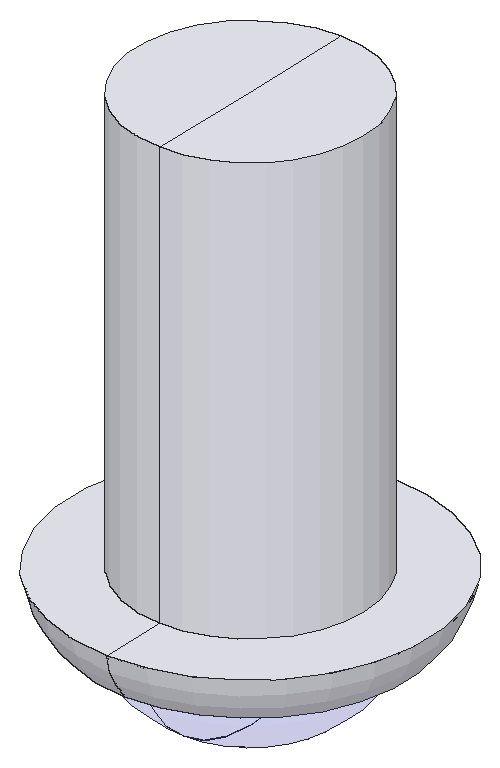
Revit family "PICO FP types Sans hôte", category Dispositifs d'éclairage, Revit 2019
Family settings
  Conserver l'orientation des annotations = Non
  Cote de connecteur circulaire = Utiliser le diamètre
  Type d'élément = Normal
  Basée sur le plan de construction = Oui
  Toujours verticalement = Oui
  Couper avec des vides une fois chargée = Non
  Partagée = Non
  Point de calcul de pièce = Non
Parameters (values of type "01- PICO FP Générique")
  Portée frontale [instance] = Position en hauteur * 2.4  # 600 cm
  Portée de biais [instance] = Position en hauteur * 4  # 1000 cm
  Hauteur de montage max préconisée [instance] = Hauteur de montage max  # 300 cm
  Hauteur de montage max = 300 cm
  Activitée assise [instance] = Position en hauteur * 1.6  # 400 cm
  Zone de detection [instance] = no
  URL = "http://www.luxomat.com"
  Type de Sortie = ""
  Température ambiante = "-25°C à +50°C"
  Référence = ""
  Relais = ""
  Position en hauteur [instance] = 250 cm
  Mode de pose = "Faux Plafond"
  Etiquette [instance] = yes
  Modèle = "PICO FP"
  Marque = "LUXOMAT"
  Image du type = 360°.jpg
  IP = "65"
  Fabricant = "B.E.G."
  Default Elevation = 0 cm
  Consommation = ""
  Commentaires du type = "MINI.DET.PRES.360°/Ø10M FAUX PLAFOND"
  Code d'assemblage = "D5010200"
  Classe = "2"
  Charge LED = ""
  Charge Cos ɸ =1 = ""
  Charge Cos ɸ =0.5 = ""
  Zone assise [instance] = Position en hauteur < 300.1 cm  # yes
  Alimentation = "110-240 V AC"
Types (9, lengths in cm): name | Type de Sortie | Température ambiante | Référence | Relais | Modèle | IP | Consommation | Commentaires du type | Charge LED | Charge Cos ɸ =1 | Charge Cos ɸ =0.5 | Alimentation
  (no name) | "" | "-25°C à +50°C" | "" | "" | "PICO FP" | "65" | "" | "MINI.DET.PRES.360°/Ø10M FAUX PLAFOND" | "" | "" | "" | "110-240 V AC"
  01- PICO FP Générique | "" | "-25°C à +50°C" | "" | "" | "PICO FP" | "65" | "" | "MINI.DET.PRES.360°/Ø10M FAUX PLAFOND" | "" | "" | "" | "110-240 V AC"
  02- PICO N M 1C FP réf 93159 | "TOR " | "-25°C à +50°C" | "93159" | "10 A" | "PICO N M 1C FP" | "65" | "0,35W" | "MINI.DET.PRES.MAITRE.1 CONTACT.360°/Ø10M FAUX PLAFOND" | "300 W" | "2300 W" | "1150 VA" | "110-240 V AC"
  03- PICO S FP réf 92700 | "Esclave" | "-25°C à +50°C" | "92700" | "0" | "PICO S FP" | "65" | "0,25 W" | "MINI.DET.PRES.ESCLAVE.360°/Ø10M FAUX PLAFOND" | "0" | "0" | "0" | "110-240 V AC"
  05- PICO DALISYS FP réf 93909 | "DALI Adressable" | "-25°C à +50°C" | "93909" | "0" | "PICO DALISYS FP" | "20" | "2 mA" | "MINI.MULTI.CAPTEUR.PRES.DALISYS.360°/Ø10M FAUX PLAFOND" | "0" | "0" | "0" | "10-22 V DC par Bus DALI"
  07- PICO KNX DX FP réf 92719 | "KNX - 1 sortie Eclairage TOR ou GRADATION / 3 sorties Présence / Capteur de température" | "-25°C à +55°C" | "92719" | "0" | "PICO KNX DX FP" | "20" | "12 mA" | "MINI.DET.PRES.KNX.VERSION DELUXE.360°/Ø10M FAUX PLAFOND" | "0" | "0" | "0" | "24 V DC par Bus KNX"
  04- PICO DALILINK FP réf 93908 | "DALILINK" | "-25°C à +50°C" | "93908" | "0" | "PICO DALILINK FP" | "20" | "2 mA" | "MINI.MULTI.CAPTEUR.PRES.DALILINK.360°/Ø10M FAUX PLAFOND" | "0" | "0" | "0" | "16 V DC par Bus DALI"
  06- PICO BMS DALI 2 FP réf 93547 | "DALI 2 Adressable" | "-25°C à +50°C" | "93547" | "0" | "PICO BMS DALI 2 FP" | "20" | "7 mA" | "MINI.MULTI.CAPTEUR.PRES.BMS.DALI 2.360°/Ø10M FAUX PLAFOND" | "0" | "0" | "0" | "10-22 V DC par Bus DALI"
  08- PICO KNXs DX FP réf 93529 | "KNX Sécure - 1 sortie Eclairage TOR ou GRADATION / 3 sorties Présence / Capteur de température et bruit / HCL" | "-25°C à +55°C" | "93529" | "0" | "PICO KNXs DX FP" | "20" | "12 mA" | "MINI.DET.PRES.KNX Sécure.VERSION DELUXE.360°/Ø10M FAUX PLAFOND" | "0" | "0" | "0" | "24 V DC par Bus KNX"
Reference planes (cm)
  plane 1 "Centre (avant/arrière)": y = 0
  plane 2: z = 0
  plane 3 "Centre (gauche/droite)": x = 0
Dimensions and locks (cm)
  aligned and locked: level to plane 2
  aligned and locked: nested 3 to plane 3 "Centre (gauche/droite)"
  aligned and locked: nested 3 to plane 1 "Centre (avant/arrière)"
  aligned and locked: nested 3 to nested 4  (x2)
Nested families (cm)
  nested 1: "Famille4" at (3.75, -61.7006, 0), visible <- "Etiquette", référence <- "Référence", modèle <- "Modèle", type "Famille4"
    with référence "", modèle "PICO FP"
  nested 2: "Plafond 360° 2D" at (0, 0, 0), type "Plafond 360° 2D"
  nested 3: "zone G" at (0, 0, 0), activité assise <- "Activitée assise", biais <- "Portée de biais", frontal <- "Portée frontale", visible <- "Zone de detection", Zone assise <- "Zone assise", type "zone G"
    with position 2 240 cm, position 1 400 cm, frontal 600 cm, biais 1000 cm, activité assise 400 cm, Zone assise yes
  nested 4: "M19" at (0, 0, 0), type "Standard"
Connectors (cm)
  electrical at (0, 0, 0)
    settings: index 1, voltage 230 V, apparent load 0 VA, apparent load phase1 0 VA, apparent load phase2 0 VA, apparent load phase3 0 VA, power factor 1, load classification "Eclairage", number of poles 1, system type 31, power factor state 1, is connector primary yes, connector utility no, sub classification motor no, connector description ""
Definition of nested family "M19"
  Reference planes (cm)
    plane 1 "Centre (avant/arrière)": y = 0
    plane 2: z = 0
    plane 3 "Centre (gauche/droite)": x = 0
    plane 4: x = 0
  Forms (cm)
    Revolve 1, solid, not visible
      sketch origin (0, 0, 0) x (0, -1, 0) y (0, 0, -1)
        loop
          line (0, 0) -> (0, -0.5) -> (1.65, -0.5)
          arc (1.65, -0.5) -> (1.8106, -0.2678) -> (1.9, 0) r 1
          line (1.9, 0) -> (1.2, 0) -> (1.2, 4.5) -> (0, 4.5) -> (0, 0)
        axis (0, -0.5) -> (0, 4.5)
      angle from 0 to 360
    Revolve 2, solid, not visible
      sketch origin (0, 0, 0) x (0, -1, 0) y (0, 0, -1)
        loop
          arc (0, -1.5) -> (0.866, -1.2247) -> (1.4142, -0.5) r 1.5
          line (1.4142, -0.5) -> (0, -0.5) -> (0, -1.5)
        axis (0, -0.5) -> (0, -1.5)
      angle from 0 to 360
    Revolve 3, solid
      sketch origin (0, 0, 0) x (0, 1, 0) y (0, 0, 1)
        loop
          line (0, 0) -> (0, 4.5) -> (-1.2, 4.5) -> (-1.2, 0) -> (-1.9, 0)
          arc (-1.9, 0) -> (-1.8106, -0.2678) -> (-1.65, -0.5) r 1
          line (-1.65, -0.5) -> (0, -0.5) -> (0, 0)
        axis (0, -0.5) -> (0, 4.5)
      angle from 0 to 360
    Revolve 4, solid
      sketch origin (0, 0, 0) x (0, 1, 0) y (0, 0, 1)
        loop
          line (0, -1.5) -> (0, -0.5) -> (-1.4142, -0.5)
          arc (-1.4142, -0.5) -> (-0.866, -1.2247) -> (0, -1.5) r 1.5
        axis (0, -0.5) -> (0, -1.5)
      angle from 0 to 360
  Dimensions and locks (cm)
    aligned and locked: level to plane 2
Definition of nested family "Famille4"
  Parameters (values of type "Famille4")
    référence [instance] = ""
    modèle [instance] = ""
  Reference planes (cm)
    plane 1: y = 0
    plane 2: x = 0
  Text (cm)
    label "référence\nmodèle" at (-0.0235, 0.0091, 0), shows "référence", "modèle"
Definition of nested family "Plafond 360° 2D"
  Reference planes (cm)
    plane 1: y = 0
    plane 2: x = 0
  Lines and regions (cm)
    Filled region 1, type "rouge"
      outline origin (0, 0, 0) x (1, 0, 0) y (0, 1, 0)
        loop
          circle (0, 0) r 0.0294
    detail lines
      curve 1: arc (-0.1732, 0.1, 0) -> (-0.2, 0, 0) -> (-0.1732, -0.1, 0) r 0.2
      curve 2: arc (-0.1, -0.1732, 0) -> (0, -0.2, 0) -> (0.1, -0.1732, 0) r 0.2
      curve 3: arc (0.1732, -0.1, 0) -> (0.2, 0, 0) -> (0.1732, 0.1, 0) r 0.2
      curve 4: arc (0.1, 0.1732, 0) -> (0, 0.2, 0) -> (-0.1, 0.1732, 0) r 0.2
      curve 5: arc (-0.1375, 0.0794, 0) -> (-0.1588, 0, 0) -> (-0.1375, -0.0794, 0) r 0.1588
      curve 6: arc (-0.0794, -0.1375, 0) -> (0, -0.1588, 0) -> (0.0794, -0.1375, 0) r 0.1588
      curve 7: arc (0.1375, -0.0794, 0) -> (0.1588, 0, 0) -> (0.1375, 0.0794, 0) r 0.1588
      curve 8: arc (0.0794, 0.1375, 0) -> (0, 0.1588, 0) -> (-0.0794, 0.1375, 0) r 0.1588
      curve 9: arc (-0.1019, 0.0588, 0) -> (-0.1176, 0, 0) -> (-0.1019, -0.0588, 0) r 0.1176
      curve 10: arc (-0.0588, -0.1019, 0) -> (0, -0.1176, 0) -> (0.0588, -0.1019, 0) r 0.1176
      curve 11: arc (0.1019, -0.0588, 0) -> (0.1176, 0, 0) -> (0.1019, 0.0588, 0) r 0.1176
      curve 12: arc (0.0588, 0.1019, 0) -> (0, 0.1176, 0) -> (-0.0588, 0.1019, 0) r 0.1176
      curve 13: arc (-0.0294, 0, 0) -> (0, -0.0294, 0) -> (0.0294, 0, 0) r 0.0294
      curve 14: arc (0.0294, 0, 0) -> (0, 0.0294, 0) -> (-0.0294, 0, 0) r 0.0294
Definition of nested family "zone G"
  Parameters (values of type "zone G")
    position 2 [instance] = (frontal / 2) * 0.8  # 240 cm
    position 1 [instance] = ((biais / 2) + (frontal / 2)) / 2  # 400 cm
    frontal [instance] = 600 cm
    biais [instance] = 1000 cm
    activité assise [instance] = 400 cm
    Zone assise [instance] = yes
  Reference planes (cm)
    plane 1 "Centre (avant/arrière)": y = 0
    plane 2: z = 0
    plane 3 "Centre (gauche/droite)": x = 0
    plane 4: x = -400
    plane 5: y = -240
  Lines and regions (cm)
    detail lines, in view "Niveau de réf.", visible <- "Zone assise"
      curve 1: circle (0, 0, 0) r 200 normal (0, 0, 1)
      curve 16: spline (-100.1609, 35.3835, 0) -> (-99.2494, 35.2529, 0) -> (-98.3931, 34.8281, 0) -> (-97.6502, 34.138, 0) -> (-97.0714, 33.2297, 0) -> (-96.6961, 32.165, 0) -> (-96.55, 31.0166, 0) -> (-96.643, 29.8626, 0) -> (-96.9687, 28.7818, 0) -> (-97.5049, 27.8477, 0) -> (-98.2152, 27.1241, 0) -> (-99.051, 26.6602, 0) -> (-99.9555, 26.4877, 0) -> (-100.867, 26.6183, 0) -> (-101.7234, 27.0431, 0) -> (-102.4663, 27.7332, 0) -> (-103.0451, 28.6415, 0) -> (-103.4203, 29.7062, 0) -> (-103.5664, 30.8546, 0) -> (-103.4735, 32.0085, 0) -> (-103.1478, 33.0894, 0) -> (-102.6115, 34.0234, 0) -> (-101.9013, 34.7471, 0) -> (-101.0654, 35.211, 0) -> (-100.1609, 35.3835, 0)
      curve 17: line (-100, 26, 0) -> (-100, 0, 0)
      curve 18: line (-100, 0, 0) -> (-83, 0, 0)
      curve 19: line (-83, 0, 0) -> (-83, -21, 0)
      curve 20: line (-100, 22.2972, 0) -> (-87.1203, 15.4489, 0)
      curve 21: line (-110.5298, 20.3537, 0) -> (-105.6439, -2.6328, 0)
      curve 22: line (-105.6439, -2.6328, 0) -> (-85.0082, -2.6328, 0)
      curve 23: line (-90.8164, -2.6328, 0) -> (-90.8164, -21, 0)
      curve 24: line (-102.3261, -2.6328, 0) -> (-102.3261, -21, 0)
      curve 34: line (-90.8164, 8.5, 0) -> (-64.3164, 8.5, 0)
      curve 35: line (-75.5, -21, 0) -> (-75.5, 8.5, 0)
      curve 36: line (-69, -21, 0) -> (-69, 8.5, 0)
    detail lines, in view "Niveau de réf."
      curve 2: circle (0, 0, 0) r 300 normal (0, 0, 1)
      curve 3: circle (0, 0, 0) r 500 normal (0, 0, 1)
      curve 4: line (-400, -41.4725, 0) -> (-400, 41.4725, 0)
      curve 5: line (-400, 41.4725, 0) -> (-422.1638, 13.1041, 0)
      curve 6: line (-400, 41.4725, 0) -> (-377.8362, 13.1041, 0)
      curve 10: line (0, -294.5767, 0) -> (0, -211.6316, 0)
      curve 11: line (0, -211.6316, 0) -> (-22.1638, -240, 0)
      curve 12: line (0, -211.6316, 0) -> (22.1638, -240, 0)
    detail lines, in view "Niveau de réf.", not visible
      curve 7: line (628.0656, -64.277, 0) -> (628.0656, 18.6681, 0)
      curve 8: line (628.0656, 18.6681, 0) -> (605.9018, -9.7003, 0)
      curve 9: line (628.0656, 18.6681, 0) -> (650.2294, -9.7003, 0)
      curve 13: line (628.0656, -64.277, 0) -> (628.0656, 18.6681, 0)
      curve 14: line (628.0656, 18.6681, 0) -> (605.9018, -9.7003, 0)
      curve 15: line (628.0656, 18.6681, 0) -> (650.2294, -9.7003, 0)
    detail lines, in view "Niveau de réf.", visible <- "Zone assise", not visible
      curve 25: spline (932.3619, 15.8637, 0) -> (933.2734, 15.7331, 0) -> (934.1297, 15.3083, 0) -> (934.8726, 14.6182, 0) -> (935.4514, 13.7099, 0) -> (935.8267, 12.6452, 0) -> (935.9728, 11.4968, 0) -> (935.8798, 10.3428, 0) -> (935.5541, 9.262, 0) -> (935.0179, 8.3279, 0) -> (934.3076, 7.6043, 0) -> (933.4718, 7.1404, 0) -> (932.5673, 6.9679, 0) -> (931.6558, 7.0985, 0) -> (930.7994, 7.5233, 0) -> (930.0565, 8.2134, 0) -> (929.4777, 9.1217, 0) -> (929.1025, 10.1864, 0) -> (928.9564, 11.3348, 0) -> (929.0493, 12.4888, 0) -> (929.375, 13.5696, 0) -> (929.9113, 14.5037, 0) -> (930.6215, 15.2273, 0) -> (931.4574, 15.6912, 0) -> (932.3619, 15.8637, 0)
      curve 26: line (932.5228, 6.4802, 0) -> (932.5228, -19.5198, 0)
      curve 27: line (932.5228, -19.5198, 0) -> (949.5228, -19.5198, 0)
      curve 28: line (949.5228, -19.5198, 0) -> (949.5228, -40.5198, 0)
      curve 29: line (932.5228, 2.7774, 0) -> (945.4025, -4.0709, 0)
      curve 30: line (921.993, 0.8339, 0) -> (926.8789, -22.1526, 0)
      curve 31: line (926.8789, -22.1526, 0) -> (947.5146, -22.1526, 0)
      curve 32: line (941.7064, -22.1526, 0) -> (941.7064, -40.5198, 0)
      curve 33: line (930.1967, -22.1526, 0) -> (930.1967, -40.5198, 0)
      curve 37: line (941.7064, -11.0198, 0) -> (968.2064, -11.0198, 0)
      curve 38: line (957.0228, -40.5198, 0) -> (957.0228, -11.0198, 0)
      curve 39: line (963.5228, -40.5198, 0) -> (963.5228, -11.0198, 0)
  Dimensions and locks (cm)
    "position 1": plane 4 to plane 3 "Centre (gauche/droite)"
    "position 2": plane 5 to plane 1 "Centre (avant/arrière)"
    "activité assise": diameter of curve 1
    "biais": diameter of curve 3
    "frontal": diameter of curve 2
    aligned and locked: plane 4 to curve 4
    aligned and locked: plane 1 "Centre (avant/arrière)" to curve 18
    aligned and locked: curve 10 to plane 3 "Centre (gauche/droite)"
    aligned and locked: plane 5 to curve 12
  Automatic sketch dimensions
    curve 5 to curve 5 = 22.1638 cm
    curve 4 to curve 6 = 22.1638 cm
    curve 6 to curve 5 = 28.3684 cm
    curve 5 to curve 5 = 28.3684 cm
    curve 4 to curve 5 = 54.5767 cm
    curve 8 to curve 8 = 22.1638 cm
    curve 7 to curve 9 = 22.1638 cm
    curve 9 to curve 8 = 28.3684 cm
    curve 8 to curve 8 = 28.3684 cm
    curve 7 to curve 8 = 54.5767 cm
    curve 11 to curve 11 = 22.1638 cm
    curve 10 to curve 12 = 22.1638 cm
    curve 12 to curve 11 = 28.3684 cm
    curve 11 to curve 11 = 28.3684 cm
    curve 10 to curve 11 = 54.5767 cm
    curve 14 to curve 14 = 22.1638 cm
    curve 13 to curve 15 = 22.1638 cm
    curve 15 to curve 14 = 28.3684 cm
    curve 14 to curve 14 = 28.3684 cm
    curve 13 to curve 14 = 54.5767 cm
    curve 21 to curve 17 = 5.6439 cm
    curve 17 to curve 19 = 17 cm
    curve 22 to curve 19 = 2.6328 cm
    curve 21 to curve 20 = 10.5298 cm
    curve 21 to curve 24 = 3.3178 cm
    curve 16 to curve 17 = 0.1609 cm
    curve 16 to curve 16 = 0.1027 cm
    curve 23 to curve 18 = 7.8164 cm
    curve 34 to curve 23 = 0 cm
    curve 34 to curve 20 = 3.6961 cm
    curve 22 to curve 18 = 2.0082 cm
    curve 19 to curve 35 = 7.5 cm
    curve 35 to curve 36 = 6.5 cm
    curve 36 to curve 34 = 4.6836 cm
    curve 35 to curve 22 = 18.3672 cm
    curve 23 to curve 35 = 0 cm
    curve 19 to curve 35 = 0 cm
    curve 35 to curve 36 = 0 cm
    curve 24 to curve 23 = 0 cm
    curve 18 to curve 36 = 8.5 cm
    curve 34 to curve 20 = 6.9489 cm
    curve 17 to curve 21 = 20.3537 cm
    curve 21 to curve 20 = 1.9435 cm
    curve 20 to curve 17 = 3.7028 cm
    curve 17 to curve 16 = 4.9356 cm
    curve 30 to curve 26 = 5.6439 cm
    curve 26 to curve 28 = 17 cm
    curve 31 to curve 28 = 2.6328 cm
    curve 30 to curve 29 = 10.5298 cm
    curve 30 to curve 33 = 3.3178 cm
    curve 25 to curve 26 = 0.1609 cm
    curve 25 to curve 25 = 0.1027 cm
    curve 32 to curve 27 = 7.8164 cm
    curve 37 to curve 32 = 0 cm
    curve 37 to curve 29 = 3.6961 cm
    curve 31 to curve 27 = 2.0082 cm
    curve 28 to curve 38 = 7.5 cm
    curve 38 to curve 39 = 6.5 cm
    curve 39 to curve 37 = 4.6836 cm
    curve 38 to curve 31 = 18.3672 cm
    curve 32 to curve 38 = 0 cm
    curve 28 to curve 38 = 0 cm
    curve 38 to curve 39 = 0 cm
    curve 33 to curve 32 = 0 cm
    curve 27 to curve 39 = 8.5 cm
    curve 37 to curve 29 = 6.9489 cm
    curve 26 to curve 30 = 20.3537 cm
    curve 30 to curve 29 = 1.9435 cm
    curve 29 to curve 26 = 3.7028 cm
    curve 26 to curve 25 = 4.9356 cm
    curve 1 to curve 2 = 0 cm  (x2)
    curve 1 to curve 3 = 0 cm  (x2)
    curve 2 to curve 3 = 0 cm  (x2)
    plane 1 "Centre (avant/arrière)" to curve 2 = 0 cm
    curve 2 to plane 3 "Centre (gauche/droite)" = 0 cm
